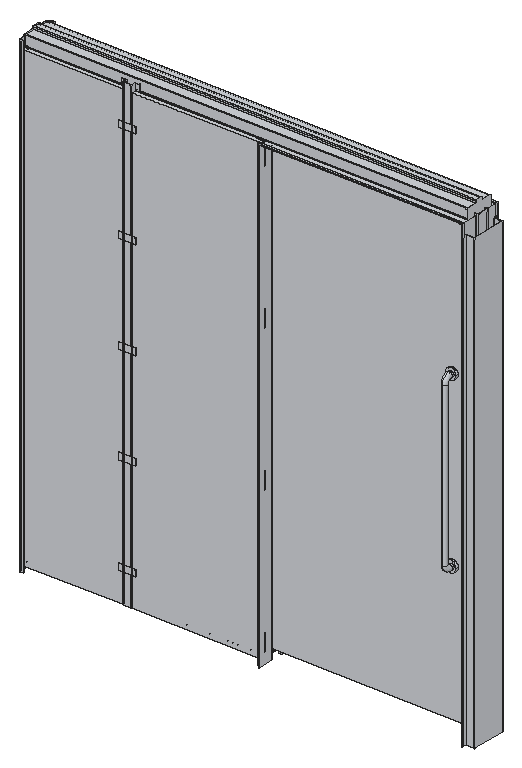
Revit family "BOS-LineaCompact-Sino-olSidW_MW_Familie", category Türen, Revit 2017 (continued)
Nested families
  nested 4: "BOS-Info-Texte_Beschriftung" at (1146.5, -0.955, 0), visible <- "MW Fehler", type "Maulweite Fehlermeldung"
  nested 5: "BOS-Bodenprofil-(o)lSidW-MW_Modell" at (-231.516, -100, 0), type "BOS-Bodenprofil-(o)lSidW-MW_Modell", detail levels fine
  nested 6: "BOS-Laufkasten-(o)lSidW-MW_Modell" at (-231.516, -100, 2140), type "BOS-Laufkasten-(o)lSidW-MW_Modell", detail levels fine
    with GT3 Gesamttiefe 76 mm, GT2 Gesamttiefe 76 mm
  nested 7: "BOS-Führungszapfen-Holz-Glas_Model" at (-859.666, 116.677, 2), visible <- "DIN rechts   DIN Right", built-in parameter 1001364 <- "Profilblechstärke", type "BOS-Führungszapfen-Holz-Glas_Model", detail levels fine
  nested 8: "BOS-Führungszapfen-Holz-Glas_Model" at (109.334, 116.677, 2), visible <- "DIN links   DIN Left", built-in parameter 1001364 <- "Profilblechstärke", type "BOS-Führungszapfen-Holz-Glas_Model", detail levels fine
  nested 9: "BOS-Türblatt-Schiebetürzargen_Modell" at (-410, -109, 0), type "BOS-Türblatt-Schiebetürzargen_Modell"
    with Türblattreferenz 949 mm
  nested 10: "BOS-loser-Nagelanker-olSidW_Detail" at (263.604, -50, 0), visible <- "DIN rechts   DIN Right", type "BOS-loser-Nagelanker-olSidW_Detail", detail levels fine
  nested 11: "BOS-loser-Nagelanker-olSidW_Detail" at (-13.604, -50, 0) x (-1, 0, 0) z (0, 0, 1), visible <- "DIN links   DIN Left", type "BOS-loser-Nagelanker-olSidW_Detail", detail levels fine
  nested 12: "BOS-Logo_Modell" at (-357, 67, 0), visible <- "DIN rechts   DIN Right", type "BOS-Logo_Modell"
    with Abstand horizontal 12 mm
  nested 13: "BOS-Logo_Modell" at (607, 67, 0), visible <- "DIN links   DIN Left", type "BOS-Logo_Modell", detail levels fine
    with Abstand horizontal 12 mm
Definition of nested family "BOS-Bodenprofil-(o)lSidW-MW_Modell"
  Parameters (values of type "BOS-Bodenprofil-lSidW_Modell")
    URL = "www.BestOfSteel.de"
    Rechtliche Hinweise = "www.BestOfSteel.de/tools-downloads/bim-building-information-modeling/"
    RNB rechts = 518 mm
    RNB links = 1602 mm
    Putzwinkel vorne = 10 mm
    Putzwinkel hinten = 10 mm
    Material - Zarge = none
    MW Maulweite = 200 mm
    LDB Lichte Durchgangs Breite = 936 mm
    Manufacturer = "BOS GmbH Best Of Steel, Lütkenfelde 4, D-48282 Emsdetten"
    GT3 Gesamttiefe = 110.5 mm
    GT2 Gesamttiefe = 55.5 mm
    DIN rechts = yes
    DIN links = no
    Description = "Bodenprofil lSidw"
    Keynote = "BOS Modell"
    BOS-Architekten-Beratung = "Tel.: +49 (0) 2572 203-203, Fax -209; E-Mail: architekten@BestOfSteel.de"
    Technische Infos rund um die Stahlzarge = "www.BestOfSteel.de/tools-downloads/technische-infos-rund-um-die-stahlzarge/"
    Abstand rechts = if(DIN links, 9 mm, RNB rechts + (LDB Lichte Durchgangs Breite / 2))  # 986 mm
    Abstand links = if(DIN rechts, 9 mm, RNB links + (LDB Lichte Durchgangs Breite / 2))  # 9 mm
  Reference planes
    plane 1: y = 0
    plane 2: z = 0
    plane 3: x = 356.516
    plane 4: x = -111.484
    plane 5: x = 824.516
    plane 6: y = 200
    plane 7: x = -1245.484
    plane 8: x = 874.516
    plane 9: x = -1236.484
    plane 10: y = 165
    plane 11: y = 35
    plane 12: z = 20
    plane 13: y = 100
    plane 14: x = -113.484
    plane 15: x = -128.484
    plane 16: y = 99.5
    plane 17: y = 45.5
    plane 18: y = 210
    plane 19: y = -10
    plane 20: x = 826.516
    plane 21: x = 841.516
    plane 22: y = 102.5
    plane 23: y = 42.5
    plane 24: y = 72.5
    plane 25: x = -111.484
  Forms (mm)
    Sweep 1, solid, material <- "Material - Zarge"
      path origin (0, 0, 0) x (1, 0, 0) y (0, 1, 0)
        loop
          line (-1236.484, 100) -> (-111.484, 100)
      profile origin (-673.984, 100, 0) x (0, 1, 0) y (0, 0, 1)
        loop
          line (63, 20) -> (63, 3)
          arc (63, 3) -> (62.707, 2.293) -> (62, 2) r 1
          line (62, 2) -> (-62, 2)
          arc (-62, 2) -> (-62.707, 2.293) -> (-63, 3) r 1
          line (-63, 3) -> (-63, 20) -> (-65, 20) -> (-65, 3)
          arc (-65, 3) -> (-64.121, 0.879) -> (-62, 0) r 3
          line (-62, 0) -> (62, 0)
          arc (62, 0) -> (64.121, 0.879) -> (65, 3) r 3
          line (65, 3) -> (65, 20) -> (63, 20)
    Extrusion 2, void
      sketch origin (0, 0, 0) x (1, 0, 0) y (0, 1, 0)
        loop
          line (-128.484, 99.5) -> (-111.484, 99.5) -> (-111.484, 45.5) -> (-128.484, 45.5) -> (-128.484, 42.5) -> (-113.484, 42.5) -> (-113.484, 35) -> (826.516, 35) -> (826.516, 42.159) -> (841.516, 42.159) -> (841.516, 45.5) -> (824.516, 45.5) -> (824.516, 99.5) -> (841.516, 99.5) -> (841.516, 102.5) -> (826.516, 102.5) -> (826.516, 165) -> (-113.484, 165) -> (-113.484, 102.5) -> (-128.484, 102.5) -> (-128.484, 99.5)
      from 0 to 20
  Cuts and joins
    Extrusion 2 cuts Sweep 1
  Dimensions and locks
    "LDB Lichte Durchgangs Breite": plane 4 to plane 5
    equal spacing: plane 4, plane 3, plane 5
    "MW Maulweite": plane 1 to plane 6
    "RNB rechts": plane 3 to plane 8
    "RNB links": plane 7 to plane 3
    plane 10 to plane 6 = 35 mm
    plane 1 to plane 11 = 35 mm
    "Abstand links": plane 7 to plane 9
    equal spacing: plane 1, plane 13, plane 6
    plane 14 to plane 4 = 2 mm
    plane 15 to plane 4 = 17 mm
    "Putzwinkel hinten": plane 18 to plane 6
    "Putzwinkel vorne": plane 19 to plane 1
    "GT2 Gesamttiefe": plane 19 to plane 17
    "GT3 Gesamttiefe": plane 18 to plane 16
    plane 5 to plane 20 = 2 mm
    plane 5 to plane 21 = 17 mm
    plane 22 to plane 16 = 3 mm
    plane 17 to plane 23 = 3 mm
    equal spacing: plane 16, plane 24, plane 17
    "Abstand rechts": plane 25 to plane 8
    aligned and locked: level to plane 2
    aligned and locked: plane 10 to Sweep 1 sketch curve
    aligned and locked: plane 12 to Sweep 1 sketch curve  (x2)
    aligned and locked: Sweep 1 sketch curve to plane 11
    aligned and locked: plane 2 to Sweep 1 sketch curve
    aligned and locked: Extrusion 2 to level
    aligned and locked: plane 12 to Extrusion 2
  Automatic sketch dimensions
    level to Sweep 1 sketch curve = 3 mm
    Sweep 1 sketch curve to Sweep 1 sketch curve = 0 mm  (x4)
    Sweep 1 sketch curve to Sweep 1 sketch curve = 1 mm
    Sweep 1 sketch curve to Sweep 1 sketch curve = 2 mm
    Extrusion 2 sketch curve to plane 15 = 0 mm  (x2)
    Extrusion 2 sketch curve to plane 10 = 0 mm
    Extrusion 2 sketch curve to plane 14 = 0 mm  (x2)
    Extrusion 2 sketch curve to plane 4 = 0 mm
    Extrusion 2 sketch curve to plane 5 = 0 mm
    Extrusion 2 sketch curve to plane 11 = 0 mm
    Extrusion 2 sketch curve to plane 20 = 0 mm  (x2)
    Extrusion 2 sketch curve to plane 21 = 0 mm  (x2)
    Extrusion 2 sketch curve to plane 16 = 0 mm  (x2)
    Extrusion 2 sketch curve to plane 23 = 0 mm
    Extrusion 2 sketch curve to plane 17 = 0 mm  (x2)
    Extrusion 2 sketch curve to plane 22 = 0 mm  (x2)
    Extrusion 2 sketch curve to plane 23 = 0.341 mm
    Sweep 1 sketch curve to plane 9 = 0 mm
    Sweep 1 sketch curve to plane 13 = 0 mm
    Sweep 1 sketch curve to plane 25 = 0 mm
Definition of nested family "BOS-Laufkasten-(o)lSidW-MW_Modell"
  Parameters (values of type "BOS-Laufkasten-(o)lSidW-MW_Modell")
    Zargenblechstärke = 2 mm
    URL = "www.BestOfSteel.de"
    Rechtliche Hinweise = "www.BestOfSteel.de/tools-downloads/bim-building-information-modeling/"
    RNB rechts = 521.5 mm
    RNB links = 1598.5 mm
    Putzwinkel vorne = 3 mm
    Putzwinkel hinten = 3 mm
    Material - Zarge = none
    Material - Laufschiene = none
    MW Maulweite = 200 mm
    Längeunterschied = 50 mm
    Laufschienenlänge = Laufkastenlänge - Längeunterschied  # 2003.5 mm
    Laufschienenabstand rechts = Längeunterschied / 2  # 25 mm
    Laufschienenabstand links = Längeunterschied / 2  # 25 mm
    Laufkastenlänge = RNB links + RNB rechts - Abstand links - Abstand rechts - Deckel links - Deckel rechts  # 2053.5 mm
    Manufacturer = "BOS GmbH Best Of Steel, Lütkenfelde 4, D-48282 Emsdetten"
    GT3 Gesamttiefe = 96.5 mm
    GT2 Gesamttiefe = 55.5 mm
    Einfügepunkt = 53.5 mm
    Deckel rechts = 2 mm
    Deckel links = 2 mm
    DIN rechts = yes
    DIN links = no
    Description = "Laufkasten LineaCompact (Sino) für Mauerwerk"
    Keynote = "BOS Modell"
    BOS-Architekten-Beratung = "Tel.: +49 (0) 2572 203-203; E-Mail: architekten@BestOfSteel.de"
    Technische Infos rund um die Stahlzarge = "www.BestOfSteel.de/tools-downloads/technische-infos-rund-um-die-stahlzarge/"
    Abstand rechts = if(DIN links, 9 mm, Einfügepunkt)  # 53.5 mm
    Abstand links = if(DIN rechts, 9 mm, Einfügepunkt)  # 9 mm
    ALU 80 BOS = yes
    ALU 100 BOS = yes
  Reference planes
    plane 1: y = 20.5
    plane 2: z = 0
    plane 3: x = 356.516
    plane 4: x = 878.016
    plane 5: y = 220.5
    plane 6: x = -1241.984
    plane 7: y = 127
    plane 8: y = 73
    plane 9: z = 50.5
    plane 10: y = 100
    plane 11: y = 223.5
    plane 12: y = 17.5
    plane 13: x = -1232.984
    plane 14: x = 824.516
    plane 15: y = 185.5
    plane 16: y = 55.5
    plane 17: y = 115
    plane 18: y = 85
    plane 19: z = 63.5
    plane 20: y = 129
    plane 21: y = 71
    plane 22: x = -1230.984
    plane 23: x = 822.516
    plane 24: z = 2
  Forms (mm)
    Sweep 1, solid, material <- "Material - Zarge"
      path origin (0, 0, 0) x (1, 0, 0) y (0, 1, 0)
        loop
          line (-1230.984, 100) -> (822.516, 100)
      profile origin (-204.234, 100, 0) x (0, 1, 0) y (0, 0, 1)
        loop
          line (29, 2) -> (82.5, 2)
          arc (82.5, 2) -> (84.621, 2.879) -> (85.5, 5) r 3
          line (85.5, 5) -> (85.5, 47.5)
          arc (85.5, 47.5) -> (84.621, 49.621) -> (82.5, 50.5) r 3
          line (82.5, 50.5) -> (-41.5, 50.5)
          arc (-41.5, 50.5) -> (-43.621, 49.621) -> (-44.5, 47.5) r 3
          line (-44.5, 47.5) -> (-44.5, 5)
          arc (-44.5, 5) -> (-43.621, 2.879) -> (-41.5, 2) r 3
          line (-41.5, 2) -> (-29, 2) -> (-29, 4) -> (-41.5, 4)
          arc (-41.5, 4) -> (-42.207, 4.293) -> (-42.5, 5) r 1
          line (-42.5, 5) -> (-42.5, 47.5)
          arc (-42.5, 47.5) -> (-42.207, 48.207) -> (-41.5, 48.5) r 1
          line (-41.5, 48.5) -> (82.5, 48.5)
          arc (82.5, 48.5) -> (83.207, 48.207) -> (83.5, 47.5) r 1
          line (83.5, 47.5) -> (83.5, 5)
          arc (83.5, 5) -> (83.207, 4.293) -> (82.5, 4) r 1
          line (82.5, 4) -> (29, 4) -> (29, 2)
    Sweep 2, solid, material <- "Material - Zarge"
      path origin (35.495, 0, 0) x (1, 0, 0) y (0, 1, 0)
        loop
          line (-1266.479, 100) -> (787.021, 100)
      profile origin (-204.234, 100, 0) x (0, 1, 0) y (0, 0, 1)
        loop
          line (15, 50.5) -> (15, 60.5)
          arc (15, 60.5) -> (14.121, 62.621) -> (12, 63.5) r 3
          line (12, 63.5) -> (-12, 63.5)
          arc (-12, 63.5) -> (-14.121, 62.621) -> (-15, 60.5) r 3
          line (-15, 60.5) -> (-15, 50.5) -> (-13, 50.5) -> (-13, 60.5)
          arc (-13, 60.5) -> (-12.707, 61.207) -> (-12, 61.5) r 1
          line (-12, 61.5) -> (12, 61.5)
          arc (12, 61.5) -> (12.707, 61.207) -> (13, 60.5) r 1
          line (13, 60.5) -> (13, 50.5) -> (15, 50.5)
    Extrusion 3, solid, material <- "Material - Zarge"
      sketch origin (356.516, 0, 0) x (0, 1, 0) y (0, 0, 1)
        loop
          line (185.5, 5) -> (185.5, 47.5)
          arc (185.5, 47.5) -> (184.621, 49.621) -> (182.5, 50.5) r 3
          line (182.5, 50.5) -> (115, 50.5) -> (115, 60.5)
          arc (115, 60.5) -> (114.121, 62.621) -> (112, 63.5) r 3
          line (112, 63.5) -> (88, 63.5)
          arc (88, 63.5) -> (85.879, 62.621) -> (85, 60.5) r 3
          line (85, 60.5) -> (85, 50.5) -> (58.5, 50.5)
          arc (58.5, 50.5) -> (56.379, 49.621) -> (55.5, 47.5) r 3
          line (55.5, 47.5) -> (55.5, 5)
          arc (55.5, 5) -> (56.379, 2.879) -> (58.5, 2) r 3
          line (58.5, 2) -> (182.5, 2)
          arc (182.5, 2) -> (184.621, 2.879) -> (185.5, 5) r 3
      from -1589.5 to -1587.5
    Extrusion 4, solid, material <- "Material - Zarge"
      sketch origin (356.516, 0, 0) x (0, 1, 0) y (0, 0, 1)
        loop
          line (185.5, 5) -> (185.5, 47.5)
          arc (185.5, 47.5) -> (184.621, 49.621) -> (182.5, 50.5) r 3
          line (182.5, 50.5) -> (115, 50.5) -> (115, 60.5)
          arc (115, 60.5) -> (114.121, 62.621) -> (112, 63.5) r 3
          line (112, 63.5) -> (88, 63.5)
          arc (88, 63.5) -> (85.879, 62.621) -> (85, 60.5) r 3
          line (85, 60.5) -> (85, 50.5) -> (58.5, 50.5)
          arc (58.5, 50.5) -> (56.379, 49.621) -> (55.5, 47.5) r 3
          line (55.5, 47.5) -> (55.5, 5)
          arc (55.5, 5) -> (56.379, 2.879) -> (58.5, 2) r 3
          line (58.5, 2) -> (182.5, 2)
          arc (182.5, 2) -> (184.621, 2.879) -> (185.5, 5) r 3
      from 466 to 468
  Dimensions and locks
    "MW Maulweite": plane 1 to plane 5
    "Putzwinkel hinten": plane 11 to plane 5
    "Putzwinkel vorne": plane 12 to plane 1
    "GT3 Gesamttiefe": plane 11 to plane 7
    "GT2 Gesamttiefe": plane 12 to plane 8
    equal spacing: plane 7, plane 10, plane 8
    equal spacing: plane 17, plane 10, plane 18
    plane 17 to plane 18 = 30 mm
    plane 9 to plane 24 = 48.5 mm
    locked: plane 19 to plane 9 at 13
    "Zargenblechstärke": plane 20 to plane 7
    "Zargenblechstärke": plane 8 to plane 21
    plane 1 to plane 16 = 35 mm
    plane 15 to plane 5 = 35 mm
    "Abstand links": plane 6 to plane 13
    "Abstand rechts": plane 14 to plane 4
    "RNB rechts": plane 3 to plane 4
    "RNB links": plane 6 to plane 3
    "Deckel links": plane 13 to plane 22
    "Deckel rechts": plane 23 to plane 14
    "Zargenblechstärke": plane 24 to plane 2
    aligned and locked: level to plane 2
    aligned and locked: Sweep 1 sketch curve to plane 9
    aligned and locked: plane 15 to Sweep 1 sketch curve
    aligned and locked: Sweep 1 sketch curve to plane 16
    aligned and locked: Sweep 1 sketch curve to plane 21
    aligned and locked: plane 20 to Sweep 1 sketch curve
    aligned and locked: plane 10 to nested 1
    aligned and locked: plane 23 to Sweep 1 sketch curve
    aligned and locked: plane 22 to Sweep 1 sketch curve
    aligned and locked: plane 22 to Sweep 2 sketch curve
    aligned and locked: plane 23 to Sweep 2 sketch curve
    aligned and locked: nested 1 to plane 22
    aligned and locked: Extrusion 3 to plane 13
    aligned and locked: Extrusion 3 to plane 22
    aligned and locked: plane 14 to Extrusion 4
    aligned and locked: Extrusion 4 to plane 23
    aligned and locked: nested 1 to Sweep 1
    aligned and locked: plane 24 to Sweep 1 sketch curve  (x2)
    aligned and locked: Sweep 1 to Sweep 2 sketch curve  (x2)
    aligned and locked: Sweep 2 sketch curve to plane 19
    aligned and locked: Sweep 2 sketch curve to plane 17
    aligned and locked: plane 18 to Sweep 2 sketch curve
    aligned and locked: Extrusion 3 sketch curve to Extrusion 4
  Automatic sketch dimensions
    Sweep 2 sketch curve to plane 10 = 0 mm
    Sweep 2 sketch curve to Sweep 2 sketch curve = 0 mm  (x4)
    Sweep 2 sketch curve to Sweep 2 sketch curve = 2 mm
    Sweep 2 sketch curve to Sweep 2 sketch curve = 1 mm  (x2)
    Sweep 1 sketch curve to Sweep 1 sketch curve = 0 mm  (x8)
    Sweep 1 sketch curve to Sweep 1 sketch curve = 1 mm  (x4)
    Sweep 1 sketch curve to Sweep 1 sketch curve = 2 mm
    Sweep 1 sketch curve to plane 10 = 0 mm
    Extrusion 3 sketch curve to plane 16 = 0 mm
    Extrusion 3 sketch curve to plane 9 = 0 mm  (x2)
    Extrusion 3 sketch curve to plane 18 = 0 mm
    Extrusion 3 sketch curve to plane 19 = 0 mm
    Extrusion 3 sketch curve to plane 17 = 0 mm
    Extrusion 3 sketch curve to plane 9 = 3 mm
    plane 18 to Extrusion 3 sketch curve = 3 mm
    Extrusion 3 sketch curve to Extrusion 3 sketch curve = 3 mm  (x2)
    plane 15 to Extrusion 3 sketch curve = 3 mm
    Extrusion 4 sketch curve to plane 15 = 0 mm
    Extrusion 4 sketch curve to plane 9 = 3 mm
    Extrusion 4 sketch curve to plane 9 = 0 mm  (x2)
    Extrusion 4 sketch curve to plane 17 = 0 mm
    Extrusion 4 sketch curve to plane 19 = 3 mm
    Extrusion 4 sketch curve to plane 19 = 0 mm
    plane 18 to Extrusion 4 sketch curve = 3 mm
    Extrusion 4 sketch curve to plane 18 = 0 mm
    Extrusion 4 sketch curve to plane 16 = 3 mm  (x2)
    Extrusion 4 sketch curve to plane 24 = 0 mm
    Extrusion 4 sketch curve to Extrusion 4 sketch curve = 3 mm
    Extrusion 4 sketch curve to plane 16 = 0 mm
    Extrusion 3 sketch curve to plane 16 = 3 mm
    Extrusion 3 sketch curve to plane 15 = 0 mm
  Nested families
    nested 1: "BOS-Laufschiene_Modell" at (-1230.984, 145.953, 48.5), type "BOS-Laufschiene_Modell"
      with Laufschienenlänge 2003.5 mm, Abstand rechts 25 mm, Abstand links 25 mm
  Definition of nested family "BOS-Laufschiene_Modell"
    Parameters (values of type "BOS-Laufschiene_Modell")
      URL = "www.BestOfSteel.de"
      Technische Infos rund um die Stahlzarge = "www.BestOfSteel.de/tools-downloads/technische-infos-rund-um-die-stahlzarge/"
      Rechtliche Hinweise = "www.BestOfSteel.de/tools-downloads/bim-building-information-modeling/"
      Model = ""
      Material - Laufschiene = none
      Laufschienenlänge = 320 mm
      Laufschiene ALU 100 BOS = no
      Laufschiene ALU 80 BOS = yes
      Manufacturer = "BOS GmbH Best Of Steel, Lütkenfelde 4, D-48282 Emsdetten"
      Description = "Laufschiene ALU 80-100 BOS"
      Keynote = "BOS Modell"
      BOS-Architekten-Beratung = "Tel.: +49 (0) 2572 203-203, Fax -209; E-Mail: architekten@BestOfSteel.de"
      Abstand rechts = 40 mm
      Abstand links = 40 mm
    Reference planes
      plane 1: y = -45.953
      plane 2: z = 0
      plane 3: x = 0
      plane 4: z = 0
      plane 5: x = 400
      plane 6: x = 40
      plane 7: x = 360
    Forms (mm)
      Extrusion 1, solid, material <- "Material - Laufschiene", visible <- "Laufschiene ALU 80 BOS"
        sketch origin (0, 0, 0) x (0, 1, 0) y (0, 0, 1)
          loop
            line (-58.953, -5) -> (-56.453, -2.5) -> (-35.453, -2.5) -> (-32.953, -5) -> (-32.953, -23.519) -> (-37.703, -25.734) -> (-36.646, -28) -> (-30.453, -25.112) -> (-30.453, 0) -> (-62.953, 0) -> (-62.953, -24.412) -> (-55.259, -28) -> (-54.203, -25.734) -> (-58.953, -23.519) -> (-58.953, -5)
        from 40 to 360
      Extrusion 2, solid, material <- "Material - Laufschiene", visible <- "Laufschiene ALU 100 BOS"
        sketch origin (0, 0, 0) x (0, 1, 0) y (0, 0, 1)
          loop
            line (-28.215, -39.5) -> (-28.215, 0) -> (-63.691, 0) -> (-63.691, -39.5) -> (-54.691, -39.5) -> (-54.691, -38) -> (-61.191, -35.634) -> (-61.191, -12.188) -> (-56.691, -10.55) -> (-56.691, -2.5) -> (-35.215, -2.5) -> (-35.215, -10.55) -> (-30.715, -12.188) -> (-30.715, -35.634) -> (-37.215, -38) -> (-37.215, -39.5) -> (-28.215, -39.5)
        from 40 to 360
    Dimensions and locks
      "Abstand links": plane 3 to plane 6
      "Abstand rechts": plane 7 to plane 5
      "Laufschienenlänge": plane 6 to plane 7
      aligned and locked: plane 2 to plane 4
      aligned and locked: plane 6 to Extrusion 1
      aligned and locked: plane 6 to Extrusion 2
      aligned and locked: Extrusion 2 to plane 7
      aligned and locked: Extrusion 1 to plane 7
    Automatic sketch dimensions
      Extrusion 1 sketch curve to level = 0 mm
      Extrusion 1 sketch curve to plane 1 = 17 mm
      Extrusion 1 sketch curve to level = 5 mm
      Extrusion 1 sketch curve to Extrusion 1 sketch curve = 4 mm
      Extrusion 1 sketch curve to level = 2.5 mm
      Extrusion 1 sketch curve to Extrusion 1 sketch curve = 2.5 mm  (x4)
      Extrusion 1 sketch curve to Extrusion 1 sketch curve = 3.693 mm
      Extrusion 1 sketch curve to Extrusion 1 sketch curve = 1.057 mm  (x2)
      plane 1 to Extrusion 1 sketch curve = 8.25 mm
      plane 1 to Extrusion 1 sketch curve = 10.5 mm
      Extrusion 1 sketch curve to Extrusion 1 sketch curve = 18.519 mm
      Extrusion 1 sketch curve to Extrusion 1 sketch curve = 21.019 mm
      Extrusion 1 sketch curve to Extrusion 1 sketch curve = 0.893 mm
      Extrusion 1 sketch curve to Extrusion 1 sketch curve = 1.593 mm
      Extrusion 2 sketch curve to level = 0 mm
      Extrusion 2 sketch curve to plane 1 = 17.738 mm
      Extrusion 2 sketch curve to Extrusion 2 sketch curve = 2.5 mm
      Extrusion 2 sketch curve to Extrusion 2 sketch curve = 4.5 mm  (x2)
      Extrusion 2 sketch curve to Extrusion 2 sketch curve = 6.5 mm
      plane 1 to Extrusion 2 sketch curve = 8.738 mm
      Extrusion 2 sketch curve to level = 2.5 mm
      plane 1 to Extrusion 2 sketch curve = 10.738 mm
      Extrusion 2 sketch curve to Extrusion 2 sketch curve = 7 mm
      Extrusion 2 sketch curve to Extrusion 2 sketch curve = 8.05 mm  (x2)
      Extrusion 2 sketch curve to Extrusion 2 sketch curve = 1.638 mm  (x2)
      Extrusion 2 sketch curve to Extrusion 2 sketch curve = 23.446 mm  (x2)
      Extrusion 2 sketch curve to Extrusion 2 sketch curve = 2.366 mm  (x2)
      Extrusion 2 sketch curve to Extrusion 2 sketch curve = 1.5 mm
      Extrusion 2 sketch curve to Extrusion 2 sketch curve = 3.866 mm
Definition of nested family "BOS-Führungszapfen-Holz-Glas_Model"
  Parameters (values of type "BOS-Führungszapfen-Holz-Glas_Model")
    Länge = 33 mm
    URL = "www.BestOfSteel.de"
    Rechtliche Hinweise = "www.BestOfSteel.de/tools-downloads/bim-building-information-modeling/"
    Material - Führungszapfen = none
    Holztürblatt = yes
    Manufacturer = "BOS GmbH Best Of Steel, Lütkenfelde 4, D-48282 Emsdetten"
    Glastürblatt = no
    Breite für Holztürblatt = 22 mm
    Breite für Glastürblatt = 21.5 mm
    Description = "Führungszapfen für Holz- oder Glastürblatt"
    Keynote = "BOS Modell"
    BOS-Architekten-Beratung = "Tel.: +49 (0) 2572 203-203, Fax -209; E-Mail: architekten@BestOfSteel.de"
    Technische Infos rund um die Stahlzargen = "www.BestOfSteel.de/tools-downloads/technische-infos-rund-um-die-stahlzarge/"
  Reference planes
    plane 1: y = -116.677
    plane 2: z = 0
    plane 3: x = 500.166
    plane 4: y = -127.677
    plane 5: x = 483.666
    plane 6: x = 516.666
    plane 7: y = -105.677
    plane 8: y = -127.427
    plane 9: y = -105.927
  Forms (mm)
    Extrusion 1, solid, material <- "Material - Führungszapfen", visible <- "Holztürblatt"
      sketch origin (500.166, -5.294, -2.968) x (0, 1, 0) y (0, 0, 1)
        loop
          line (-122.383, 2.968) -> (-100.383, 2.968) -> (-100.383, 7.668) -> (-108.633, 8.438) -> (-108.883, 21.968) -> (-113.883, 21.968) -> (-114.133, 8.438) -> (-122.383, 7.618) -> (-122.383, 2.968)
      from -16.5 to 16.5
    Extrusion 2, solid, material <- "Material - Führungszapfen", visible <- "Glastürblatt"
      sketch origin (500.166, -47.893, -6.394) x (0, 1, 0) y (0, 0, 1)
        loop
          line (-60.784, 10.894) -> (-62.284, 22.894) -> (-64.284, 22.894) -> (-64.284, 18.394) -> (-62.784, 18.394) -> (-62.284, 10.894) -> (-75.284, 10.894) -> (-74.784, 18.394) -> (-73.284, 18.394) -> (-73.284, 22.894) -> (-75.284, 22.894) -> (-76.784, 10.894) -> (-79.534, 10.894) -> (-79.534, 6.394) -> (-58.034, 6.394) -> (-58.034, 10.894) -> (-60.784, 10.894)
      from -16.5 to 16.5
  Dimensions and locks
    Extrusion 1 sketch curve to Extrusion 1 sketch curve = 5.5 mm
    Extrusion 1 sketch curve to Extrusion 1 sketch curve = 8.25 mm  (x2)
    "Länge": plane 5 to plane 6
    equal spacing: plane 5, plane 3, plane 6
    equal spacing: plane 7, plane 1, plane 4
    "Breite für Holztürblatt": plane 7 to plane 4
    "Breite für Glastürblatt": plane 9 to plane 8
    equal spacing: plane 9, plane 1, plane 8
    Extrusion 2 sketch curve to Extrusion 2 sketch curve = 6.25 mm  (x2)
    aligned and locked: level to plane 2
    aligned and locked: Extrusion 1 to plane 4
    aligned and locked: Extrusion 2 to plane 5
    aligned and locked: plane 6 to Extrusion 2
    aligned and locked: plane 9 to Extrusion 2 sketch curve
    aligned and locked: Extrusion 2 sketch curve to plane 2
    aligned and locked: Extrusion 2 sketch curve to plane 8
  Automatic sketch dimensions
    level to Extrusion 1 sketch curve = 0 mm
    level to Extrusion 1 sketch curve = 4.65 mm
    plane 1 to Extrusion 1 sketch curve = 11 mm
    level to Extrusion 1 sketch curve = 5.47 mm  (x2)
    Extrusion 1 sketch curve to Extrusion 1 sketch curve = 0.25 mm
    Extrusion 1 sketch curve to Extrusion 1 sketch curve = 5 mm
    level to Extrusion 1 sketch curve = 4.7 mm
    Extrusion 1 sketch curve to Extrusion 1 sketch curve = 13.53 mm
    level to Extrusion 2 sketch curve = 4.5 mm  (x2)
    Extrusion 2 sketch curve to Extrusion 2 sketch curve = 2.75 mm
    Extrusion 2 sketch curve to Extrusion 2 sketch curve = 2 mm  (x2)
    Extrusion 2 sketch curve to Extrusion 2 sketch curve = 1.5 mm  (x4)
    level to Extrusion 2 sketch curve = 12 mm
    Extrusion 2 sketch curve to Extrusion 2 sketch curve = 0 mm
    Extrusion 2 sketch curve to Extrusion 2 sketch curve = 7.5 mm
    Extrusion 2 sketch curve to Extrusion 2 sketch curve = 4.5 mm  (x2)
    Extrusion 2 sketch curve to Extrusion 2 sketch curve = 0.5 mm
Definition of nested family "BOS-Türblatt-Schiebetürzargen_Modell"
  Parameters (values of type "BOS-Türblatt-Schiebetürzargen_Modell")
    URL = "www.BestOfSteel.de"
    Türblattreferenz = 945 mm
    Technische Infos rund um die Stahlzarge = "www.BestOfSteel.de/tools-downloads/technische-infos-rund-um-die-stahlzarge/"
    Stoßgrifflänge = 800 mm
    Türgriffabstand = 120 mm
    Stoßgriffdurchmesser = 24 mm
    Muschelgriffüberstand = if(Holztürblatt, 1.5 mm, 9 mm)  # 1.5 mm
    Muschelgrifftiefe = if(Holztürblatt, 10 mm, Türblattstärke / 2)  # 10 mm
    Griffposition = if(DIN links, Türgriffabstand, TAB Türblatt Außenmaß Breite - Türgriffabstand)  # 865 mm
    Führungsnuttiefe = if(Holztürblatt, 18 mm, 0 mm)  # 18 mm
    Stoßgriffe = yes
    Türblattversatz = 0 mm
    Türblattstärke = 40 mm
    Türblattabstand unten = 10 mm
    TAH Türblatt Außenmaß Höhe = 2110 mm
    TAB Türblatt Außenmaß Breite = 985 mm
    Muschelgriffe = no
    Rechtliche Hinweise = "www.BestOfSteel.de/tools-downloads/bim-building-information-modeling/"
    Model = ""
    Material - Türgriff = none
    Material - Türblatt = none
    Holztürblatt = yes
    Manufacturer = ""
    Glastürblatt = no
    Führungsnutbreite = 8 mm
    Fräsextrusionsende = if(not(Muschelgriffe), 0 mm, if(Holztürblatt, -10 mm, -Türblattstärke / 2))  # 0 mm
    Fräsextrusionsbeginn = if(not(Muschelgriffe), 1 mm, 0 mm)  # 1 mm
    Drückerhöhe = 1050 mm
    DIN rechts = yes
    DIN links = no
    Description = "Holz- Glastürblatt für Schiebetürzargen"
    Keynote = "BOS Modell"
    BOS-Architekten-Beratung = "Tel.: +49 (0) 2572 203-203, Fax -209; E-Mail: architekten@BestOfSteel.de"
  Reference planes
    plane 1: y = 109
    plane 2: z = 0
    plane 3: x = 31
    plane 4: x = 1016
    plane 5: y = 129
    plane 6: y = 89
    plane 7: z = 10
    plane 8: z = 2120
    plane 9: z = 28
    plane 10: y = 109
    plane 11: y = 109
    plane 12: y = 113
    plane 13: y = 105
    plane 14: z = 1050
    plane 15: x = 896
    plane 16: x = 71
  Forms (mm)
    Extrusion 1, solid, material <- "Material - Türblatt", detail levels medium+fine
      sketch origin (0, 0, 0) x (1, 0, 0) y (0, 1, 0)
        loop
          line (31, 129) -> (31, 89) -> (1016, 89) -> (1016, 129) -> (31, 129)
      from 10 to 2120
    Extrusion 2, void
      sketch origin (31, -12.856, 0) x (0, 1, 0) y (0, 0, 1)
        loop
          line (125.856, 28) -> (117.856, 28) -> (117.856, 0) -> (125.856, 0) -> (125.856, 28)
      from 0 to 985
    Extrusion 3, void
      sketch origin (1569.406, 89, 1200) x (1, 0, 0) y (0, 0, 1)
        loop
          arc (-689.406, -184) -> (-673.406, -200) -> (-657.406, -184) r 16
          line (-657.406, -184) -> (-657.406, -116)
          arc (-657.406, -116) -> (-673.406, -100) -> (-689.406, -116) r 16
          line (-689.406, -116) -> (-689.406, -184)
      from 1 <- "Fräsextrusionsbeginn" to 0 <- "Fräsextrusionsende"
    Extrusion 4, void
      sketch origin (-112.482, 129, 1200) x (-1, 0, 0) y (0, 0, 1)
        loop
          line (-992.482, -184) -> (-992.482, -116)
          arc (-992.482, -116) -> (-1008.482, -100) -> (-1024.482, -116) r 16
          line (-1024.482, -116) -> (-1024.482, -184)
          arc (-1024.482, -184) -> (-1008.482, -200) -> (-992.482, -184) r 16
      from 1 <- "Fräsextrusionsbeginn" to 0 <- "Fräsextrusionsende"
  Cuts and joins
    Extrusion 2, Extrusion 3, Extrusion 4 cuts Extrusion 1
  Dimensions and locks
    "Türblattstärke": plane 5 to plane 6
    "Türblattversatz": plane 10 to plane 1 to plane 11
    "Türblattabstand unten": plane 7 to plane 2
    "TAB Türblatt Außenmaß Breite": plane 3 to plane 4
    "TAH Türblatt Außenmaß Höhe": plane 8 to plane 7
    equal spacing: plane 5, plane 1, plane 6
    "Drückerhöhe": plane 14 to plane 2
    "Griffposition": plane 3 to plane 15
    "Führungsnuttiefe": plane 9 to plane 7
    "Türblattreferenz": plane 16 to plane 4
    aligned and locked: level to plane 2
    aligned and locked: Extrusion 1 sketch curve to plane 4
    aligned and locked: Extrusion 1 sketch curve to plane 5
    aligned and locked: Extrusion 1 sketch curve to plane 6
    aligned and locked: plane 3 to Extrusion 1 sketch curve
    aligned and locked: Extrusion 1 to plane 7
    aligned and locked: Extrusion 1 to plane 8
    aligned and locked: plane 12 to Extrusion 2 sketch curve
    aligned and locked: plane 13 to Extrusion 2 sketch curve
    aligned and locked: Extrusion 2 sketch curve to plane 9
    aligned and locked: plane 2 to Extrusion 2 sketch curve
    aligned and locked: Extrusion 2 to plane 3
    aligned and locked: plane 4 to Extrusion 2
    aligned and locked: nested 1 to plane 14
    aligned and locked: plane 14 to nested 2
    aligned and locked: nested 1 to plane 15
    aligned and locked: plane 15 to nested 2
    aligned and locked: plane 6 to nested 2
    aligned and locked: plane 5 to nested 1
    aligned and locked: Extrusion 3 sketch curve to nested 1  (x2)
    aligned and locked: Extrusion 4 sketch curve to cut or joined group of Extrusion 1, Extrusion 2, Extrusion 3, Extrusion 4  (x2)
    aligned and locked: nested 4 to plane 14
    aligned and locked: plane 14 to nested 3
    aligned and locked: plane 5 to nested 4
    aligned and locked: plane 6 to nested 3
    aligned and locked: nested 4 to plane 15
    aligned and locked: plane 15 to nested 3
  Nested families
    nested 1: "BOS-Muschelgriff_Modell" at (896, 133.91, 1050), visible <- "Muschelgriffe", type "BOS-Muschelgriff_Modell", detail levels fine
    nested 2: "BOS-Muschelgriff_Modell" at (896, 84.09, 1050), visible <- "Muschelgriffe", type "BOS-Muschelgriff_Modell", detail levels fine
    nested 3: "BOS-Stoßgriff_Modell" at (896, 89, 1050), visible <- "Stoßgriffe", type "BOS-Stoßgriff_Modell", detail levels fine
      with Stoßgriffradius 12 mm, Stoßgriffdurchmesser 24 mm
    nested 4: "BOS-Stoßgriff_Modell" at (896, 129, 1050), visible <- "Stoßgriffe", type "BOS-Stoßgriff_Modell", detail levels fine
      with Stoßgriffradius 12 mm, Stoßgriffdurchmesser 24 mm
  Definition of nested family "BOS-Muschelgriff_Modell"
    Parameters (values of type "BOS-Muschelgriff_Modell")
      URL = "www.BestOfSteel.de"
      Rechtliche Hinweise = "www.BestOfSteel.de/tools-downloads/bim-building-information-modeling/"
      Muschelgriffüberstand = 1.5 mm
      Muschelgrifftiefe = 10 mm
      Material - Türgriff = none
      Description = "Muschelgriff"
      Keynote = "BOS Modell"
      BOS-Architekten-Beratung = "Tel.: +49 (0) 2572 203-203, Fax -209; E-Mail: architekten@BestOfSteel.de"
      Allgemeine Informationen zu Stahlzargen = "www.BestOfSteel.de/tools-downloads/technische-infos-rund-um-die-stahlzarge/"
    Reference planes
      plane 1: y = 4.91
      plane 2: z = 0
      plane 3: x = 0
      plane 4: y = 3.41
      plane 5: x = -19
      plane 6: x = 19
      plane 7: y = 12.91
      plane 8: z = 60
      plane 9: z = -60
      plane 10: y = 14.91
    Forms (mm)
      Extrusion 1, solid, material <- "Material - Türgriff"
        sketch origin (0, 4.91, 0) x (1, 0, 0) y (0, 0, 1)
          loop
            line (-19, 41) -> (-19, -41)
            arc (-19, -41) -> (0, -60) -> (19, -41) r 19
            line (19, -41) -> (19, 41)
            arc (19, 41) -> (0, 60) -> (-19, 41) r 19
        from 0 to 1.5
      Extrusion 2, solid, material <- "Material - Türgriff"
        sketch origin (0, 4.91, 0) x (1, 0, 0) y (0, 0, 1)
          loop
            line (-16, 34) -> (-16, -34)
            arc (-16, -34) -> (0, -50) -> (16, -34) r 16
            line (16, -34) -> (16, 34)
            arc (16, 34) -> (0, 50) -> (-16, 34) r 16
        from -10 to 0
      Extrusion 3, void
        sketch origin (0, 4.91, 0) x (1, 0, 0) y (0, 0, 1)
          loop
            line (-13, 34) -> (-13, -34)
            arc (-13, -34) -> (0, -47) -> (13, -34) r 13
            line (13, -34) -> (13, 34)
            arc (13, 34) -> (0, 47) -> (-13, 34) r 13
        from -8 to 1.5
    Cuts and joins
      Extrusion 3 cuts Extrusion 1
      Extrusion 3 cuts Extrusion 2
      joined: Extrusion 1, Extrusion 2
    Dimensions and locks
      equal spacing: plane 5, plane 3, plane 6
      plane 5 to plane 6 = 38 mm
      "Muschelgriffüberstand": plane 4 to plane 1
      plane 10 to plane 7 = 2 mm
      "Muschelgrifftiefe": plane 10 to plane 1
      aligned and locked: plane 7 to cut or joined group of Extrusion 1, Extrusion 2, Extrusion 3
      aligned and locked: cut or joined group of Extrusion 1, Extrusion 2, Extrusion 3 to plane 4
      aligned and locked: plane 4 to cut or joined group of Extrusion 1, Extrusion 2, Extrusion 3  (x2)
      aligned and locked: plane 10 to cut or joined group of Extrusion 1, Extrusion 2, Extrusion 3
    Automatic sketch dimensions
      Extrusion 1 sketch curve to plane 5 = 0 mm
      Extrusion 1 sketch curve to plane 3 = 0 mm
      Extrusion 1 sketch curve to plane 8 = 19 mm
      plane 9 to Extrusion 1 sketch curve = 19 mm
      Extrusion 2 sketch curve to plane 3 = 0 mm
      plane 5 to Extrusion 2 sketch curve = 3 mm
      Extrusion 2 sketch curve to plane 8 = 26 mm
      plane 9 to Extrusion 2 sketch curve = 26 mm
      Extrusion 3 sketch curve to plane 3 = 0 mm
      plane 5 to Extrusion 3 sketch curve = 6 mm
      Extrusion 3 sketch curve to plane 8 = 26 mm
      plane 9 to Extrusion 3 sketch curve = 26 mm
  Definition of nested family "BOS-Stoßgriff_Modell"
    Parameters (values of type "BOS-Stoßgriff_Modell")
      URL = "www.BestOfSteel.de"
      Stoßgrifflänge = 800 mm
      Stoßgriffradius = Stoßgriffdurchmesser / 2  # 9 mm
      Stoßgriffdurchmesser = 18 mm
      Rechtliche Hinweise = "www.BestOfSteel.de/tools-downloads/bim-building-information-modeling/"
      Model = ""
      Material - Türgriff = none
      Description = "Stoßgriff"
      Keynote = "BOS Modell"
      BOS-Architekten-Beratung = "Tel.: +49 (0) 2572 203-203, Fax -209; E-Mail: architekten@BestOfSteel.de"
      Allgemeine Informationen zu Stahlzargen = "www.BestOfSteel.de/tools-downloads/technische-infos-rund-um-die-stahlzarge/"
    Reference planes
      plane 1: y = 0
      plane 2: z = 0
      plane 3: x = 0
      plane 4: z = 400
      plane 5: z = -400
      plane 6: y = -45.5
    Forms (mm)
      Sweep 1, solid, material <- "Material - Türgriff"
        path origin (0, 0, 0) x (0, 1, 0) y (0, 0, 1)
          loop
            line (-10, 400) -> (-20.5, 400)
            arc (-20.5, 400) -> (-38.178, 392.678) -> (-45.5, 375) r 25
            line (-45.5, 375) -> (-45.5, -375)
            arc (-45.5, -375) -> (-38.178, -392.678) -> (-20.5, -400) r 25
            line (-20.5, -400) -> (-10, -400)
        profile origin (0, -15.25, 400) x (0, 0, -1) y (1, 0, 0)
          loop
            circle (0, 0) r 9
      Extrusion 2, solid, material <- "Material - Türgriff"
        sketch origin (0, 0, 0) x (1, 0, 0) y (0, 0, 1)
          loop
            circle (0, 400) r 25
          loop
            circle (0, -400) r 25
        from 0 to 10
    Cuts and joins
      joined: Sweep 1, Extrusion 2
    Dimensions and locks
      equal spacing: plane 4, plane 2, plane 5
      "Stoßgrifflänge": plane 4 to plane 5
      locked: plane 6 to plane 1 at 45.5
      "Stoßgriffradius": radius of Sweep 1 sketch curve
      aligned and locked: Sweep 1 sketch curve to plane 6
      aligned and locked: Sweep 1 sketch curve to plane 5
      aligned and locked: Sweep 1 sketch curve to plane 4
    Automatic sketch dimensions
      Extrusion 2 sketch curve to plane 3 = 0 mm  (x2)
      Extrusion 2 sketch curve to plane 5 = 0 mm
      Extrusion 2 sketch curve to plane 4 = 0 mm
      Sweep 1 sketch curve to Sweep 1 sketch curve = 10.5 mm
      plane 1 to Sweep 1 sketch curve = 20.5 mm  (x2)
      plane 1 to Sweep 1 sketch curve = 10 mm
      Sweep 1 sketch curve to plane 3 = 0 mm
      Sweep 1 sketch curve to profile plane = 0 mm
      radius of Extrusion 2 sketch curve = 25 mm  (x2)
Definition of nested family "BOS-BOS_Modell"
  Parameters (values of type "BOS-BOS_Modell")
    Abstand = 22 mm
  Reference planes
    plane 1: y = -0.827
    plane 2: z = 0
    plane 3: x = 0
    plane 4: x = -22
    plane 5: y = 1.673
    plane 6: y = -3.327
  Dimensions and locks
    "Abstand": plane 4 to plane 3
    plane 5 to plane 6 = 5 mm
    equal spacing: plane 5, plane 1, plane 6
    aligned and locked: level to plane 2
    aligned and locked: plane 1 to text3d elem
    aligned and locked: text3d elem to level
Definition of nested family "BOS-Info-Texte_Beschriftung"
  Parameters (values of type "Blockprofil Warnung")
    Unten = no
    Schwarz = yes
    Rot = no
    Oben = yes
    Info-Text En unten = "Kein Text"
    Info-Text De unten = "Kein Text"
    Info-Text En oben = "Attention! When changing the architrave widths, the structural measurements change accordingly."
    Englisch unten rot = and(and(Unten, Englisch), Rot)  # no
    Englisch unten schwarz = and(and(Unten, Englisch), Schwarz)  # no
    Englisch oben rot = and(and(Oben, Englisch), Rot)  # no
    Englisch oben schwarz = and(and(Oben, Englisch), Schwarz)  # no
    Info-Text De oben = "Achtung! Bei Änderung der Spiegelbreiten, Rohbaumaße beachten."
    Warndreieck = no
    Fehlerkreis = no
    Englisch = no
    Deutsch unten rot = and(and(Unten, Deutsch), Rot)  # no
    Deutsch unten schwarz = and(and(Unten, Deutsch), Schwarz)  # no
    Deutsch oben rot = and(and(Oben, Deutsch), Rot)  # no
    Deutsch oben schwarz = and(and(Oben, Deutsch), Schwarz)  # yes
    Deutsch = not(Englisch)  # yes
    Ausrufezeichen = "!"
  Types (12, lengths in mm): name | Unten | Schwarz | Rot | Oben | Info-Text En unten | Info-Text De unten | Info-Text En oben | Info-Text De oben | Warndreieck | Fehlerkreis | Deutsch unten schwarz | Deutsch oben rot | Deutsch oben schwarz
    Rechtliche Hinweise | no | yes | no | yes | "Kein Text" | "Kein Text" | "In accordance with the protection note according to DIN 34, the ownership and copyrights are reserved!\r\n© 2016 BOS GmbH, Emsdetten, Germany -\r\nObserve the ISO 16016 protective label (see ID data)!\r\n\r\nSubject to technical change!" | "Entsprechend dem Schutzvermerk nach DIN 34 behalten wir uns Eigentum und Urheberrecht vor!\r\n© 2016 BOS GmbH, Emsdetten, Deutschland -\r\nSchutzvermerk ISO 16016 beachten (siehe ID-Daten)!\r\n\r\nTechnische Änderungen vorbehalten!" | no | no | no | no | yes
    Maulweite Fehlermeldung | no | yes | no | yes | "Kein Text" | "Kein Text" | "Check the wall thickness!" | "Wandstärke prüfen!" | no | yes | no | no | yes
    Rohbaumaß Warnung | no | yes | no | yes | "Kein Text" | "Kein Text" | "For DIN door leaves, select larger structural wall measurements!" | "Bei DIN-Türblatt Rohbaumaße größer wählen!" | no | no | no | no | yes
    Verstellbereich | no | yes | no | yes | "Kein Text" | "Kein Text" | "Adjustment area from -5 to +15mm,\r\nother adjustment areas possible" | "Verstellbereich von -5 bis +15mm\r\nanderer Verstellbereich möglich" | no | no | no | no | yes
    Verstellbereich wSvdW | no | yes | no | yes | "Kein Text" | "Kein Text" | "Adjustment area in the soffit from -2 to +15mm,\r\nother adjustment areas possible" | "Verstellbereich in der Zargenleibung von -2 bis +15mm\r\nanderer Verstellbereich möglich" | no | no | no | no | yes
    Wandartauswahl 15Nz15Z | no | yes | no | yes | "Kein Text" | "Kein Text" | "Attention for stud walls: underlay from site required!\r\nFor DIN door leaves, select larger structural wall measurements.\r\nFor selection \"stud walls\":\r\nsee 'Features' (remove tick for brick walls)" | "Achtung bei Ständerwerk: bauseitige Unterfütterung erforderlich!\r\nBei DIN-Türblatt Rohbaumaße größer wählen.\r\nFür Auswahl \"Ständerwerk\": \r\nsiehe 'Eigenschaften' (Häkchen entfernen bei Mauerwerk)." | no | no | no | no | yes
    Technische Hinweise | no | yes | no | yes | "Kein Text" | "Kein Text" | "Due to manufacturing reasons this Revit family may not be changed\r\nwithout consulting BOS!\r\n\r\nDo not mirror frames (door list)!\r\nsee ‘Features’: DIN left / DIN right\r\n\r\nThe solid and stud walls or, for example, their profiles,\r\nmust be designed so that they can reliably and sustainably\r\nabsorb the static and dynamic forces resulting\r\nfrom the load on the door element used." | "Diese Revit-Familie darf aus fertigungstechnischen Gründen\r\nnicht ohne Rücksprache mit BOS abgeändert werden!\r\n\r\nZargen nicht spiegeln (Türliste)!\r\nsiehe 'Eigenschaften': DIN links / DIN rechts\r\n\r\nDie Massiv- und Ständerwerkswände bzw. deren Profile\r\nmüssen so ausgebildet sein, dass sie die statischen\r\nund dynamischen Kräfte, welche sich aus der Belastung\r\nder verwendeten Türelements ergeben, zuverlässig\r\nund nachhaltig aufnehmen können." | no | no | no | no | yes
    Drückerhöhe Warnung | yes | yes | no | no | "Please take the handle depth/height and/or DIN opening direction into account" | "Drückertiefen/-höhen und/oder DIN Richtungen beachten/anpassen!" | "Kein Text" | "Kein Text" | yes | no | yes | no | no
    Maulweite-Dehnungsfuge Fehlermeldung | no | yes | no | yes | "Kein Text" | "Kein Text" | "Check the wall thickness and/or expansion joint!" | "Wandstärke und/oder Dehnungsfuge prüfen!" | no | yes | no | no | yes
    Technische Hinweise Norm | no | yes | no | yes | "Kein Text" | "Kein Text" | "Due to manufacturing reasons this Revit family may not be changed\r\nwithout consulting BOS!\r\n\r\nThe solid and stud walls or, for example, their profiles,\r\nmust be designed so that they can reliably and sustainably\r\nabsorb the static and dynamic forces resulting\r\nfrom the load on the door element used." | "Diese Revit-Familie darf aus fertigungstechnischen Gründen\r\nnicht ohne Rücksprache mit BOS abgeändert werden!\r\n\r\nDie Massiv- und Ständerwerkswände bzw. deren Profile\r\nmüssen so ausgebildet sein, dass sie die statischen\r\nund dynamischen Kräfte, welche sich aus der Belastung\r\nder verwendeten Türelements ergeben, zuverlässig\r\nund nachhaltig aufnehmen können." | no | no | no | no | yes
    Maßauswahl | no | no | yes | yes | "Kein Text" | "Kein Text" | "To choose  Rebate Width/Height Measurement, Receiving Opening\r\nsee 'Features'" | "Auswahl von FMB, FMH, MW\r\nunter 'Eigenschaften'" | no | no | no | yes | no
    Blockprofil Warnung | no | yes | no | yes | "Kein Text" | "Kein Text" | "Attention! When changing the architrave widths, the structural measurements change accordingly." | "Achtung! Bei Änderung der Spiegelbreiten, Rohbaumaße beachten." | no | no | no | no | yes
  Reference planes
    plane 1: y = 0.955
    plane 2: x = 0
  Lines and regions (mm)
    Filled region 1, type "Gefüllter Bereich Gelb", visible <- "Warndreieck"
      outline origin (-7.188, 1.747, 0) x (1, 0, 0) y (0, 1, 0)
        loop
          line (5.951, -3.033) -> (8.413, -3.033) -> (7.182, -0.9) -> (5.951, -3.033)
    Filled region 2, type "Gefüllter Bereich Rot", visible <- "Fehlerkreis"
      outline origin (0, -3.763, 0) x (1, 0, 0) y (0, 1, 0)
        loop
          circle (0, 3.1) r 1.5
        loop
          line (-0.937, 3.486) -> (-0.937, 2.686) -> (1.023, 2.686) -> (1.023, 3.486) -> (-0.937, 3.486)
    Filled region 3, type "Gefüllter Bereich Weiss", visible <- "Fehlerkreis"
      outline origin (-7.014, -2.062, 0) x (1, 0, 0) y (0, 1, 0)
        loop
          line (6.077, 1.785) -> (6.077, 0.985) -> (8.038, 0.985) -> (8.038, 1.785) -> (6.077, 1.785)
  Text (mm)
    label "Info-Text De oben schwarz" at (0.065, 1.415, 0), shows "Info-Text De oben", visible <- "Deutsch oben schwarz"
    label "!" at (0.065, -0.414, 0), shows "Ausrufezeichen", visible <- "Warndreieck"
    label "Info-Text En oben schwarz" at (0.065, 1.415, 0), shows "Info-Text En oben", visible <- "Englisch oben schwarz"
    label "Info-Text De unten schwarz" at (0.218, -2.468, 0), shows "Info-Text De unten", visible <- "Deutsch unten schwarz"
    label "Info-Text En unten schwarz" at (0.065, -2.419, 0), shows "Info-Text En unten", visible <- "Englisch unten schwarz"
    label "Info-Text En oben rot" at (0.065, 1.415, 0), shows "Info-Text En oben", visible <- "Englisch oben rot"
    label "Info-Text En unten rot" at (0.065, -2.419, 0), shows "Info-Text En unten", visible <- "Englisch unten rot"
    label "Info-Text De unten rot" at (0.065, -2.419, 0), shows "Info-Text De unten", visible <- "Deutsch unten rot"
    label "Info-Text De oben rot" at (-0.371, 1.396, 0), shows "Info-Text De oben", visible <- "Deutsch oben rot"
  Dimensions and locks
    aligned and locked: Filled region 3 sketch curve to Filled region 2  (x4)
Definition of nested family "BOS-loser-Nagelanker-olSidW_Detail"
  Parameters (values of type "BOS-loser-Nagelanker-olSidW_Detail")
    URL = "www.BestOfSteel.de"
    Schloßkasten = yes
    Rechtliche Hinweise = "www.BestOfSteel.de/tools-downloads/bim-building-information-modeling/"
    RNB Rohbau Nennmaß Breite = 2120 mm
    Putzwinkel vorne = 3 mm
    Putzwinkel hinten = 3 mm
    MW Maulweite = 200 mm
    Technische Infos rund um die Stahlzarge = "www.BestOfSteel.de/tools-downloads/technische-infos-rund-um-die-stahlzarge/"
    LDB Lichte Durchgangs Breite = 936 mm
    Manufacturer = "BOS GmbH Best Of Steel, Lütkenfelde 4, D-48282 Emsdetten"
    GT3 Gesamttiefe = 76 mm
    GT2 Gesamttiefe = 76 mm
    Einfügepunkt = 53.5 mm
    Blechstärke = 2 mm
    Description = "loser Nagelanker für LineaCompact Sino"
    Keynote = "BOS Detail"
    BOS-Architekten-Beratung = "Tel.: +49 (0) 2572 203-203, Fax -209; E-Mail: architekten@BestOfSteel.de"
  Reference planes
    plane 1: z = 0
    plane 2: y = -35
    plane 3: y = 135
    plane 4: x = -1737.104
    plane 5: x = -1732.104
    plane 6: y = 153
    plane 7: x = -138.604
    plane 8: y = -53
    plane 9: x = 329.396
    plane 10: x = 432.896
    plane 11: x = 331.396
    plane 12: x = 377.896
    plane 13: y = 50
    plane 14: x = 382.896
    plane 15: x = -1837.104
    plane 16: y = 23
    plane 17: y = 77
    plane 18: y = 50
    plane 19: x = -606.604
    plane 20: x = 346.396
    plane 21: y = -50
    plane 22: y = 150
  Lines and regions (mm)
    detail lines, in view "Ref.-Ebene"
      curve 1: arc (-1706.885, 137.001, 0) -> (-1710.353, 136.506, 0) -> (-1713.577, 135.134, 0) r 13.498
      curve 2: arc (-1706.885, 137.001, 0) -> (-1705.833, 137.974, 0) -> (-1706.833, 139, 0) r 1
      curve 3: arc (-1706.902, 134.001, 0) -> (-1702.833, 137.965, 0) -> (-1706.833, 142, 0) r 4
      curve 4: line (-1742.514, 142, 0) -> (-1780.571, 138, 0)
      curve 5: line (-1706.833, 139, 0) -> (-1742.409, 139, 0)
      curve 6: line (-1742.409, 139, 0) -> (-1780.363, 135, 0)
      curve 7: line (-1713.577, 135.134, 0) -> (-1725.104, 134.933, 0)
      curve 8: line (-1725.104, 134.933, 0) -> (-1725.082, 133.683, 0)
      curve 9: line (-1725.082, 133.683, 0) -> (-1706.902, 134.001, 0)
      curve 10: line (-1742.514, 142, 0) -> (-1706.833, 142, 0)
      curve 11: line (-1780.363, 135, 0) -> (-1827.891, 135, 0)
      curve 12: arc (-1813.246, 136.25, 0) -> (-1810.63, 137.529, 0) -> (-1807.757, 138, 0) r 9.994
      curve 13: line (-1827.891, 135, 0) -> (-1827.891, 136.25, 0)
      curve 14: line (-1827.891, 136.25, 0) -> (-1813.246, 136.25, 0)
      curve 15: line (-1807.757, 138, 0) -> (-1780.571, 138, 0)
      curve 33: arc (-1706.885, -37.001, 0) -> (-1710.353, -36.506, 0) -> (-1713.577, -35.134, 0) r 13.498
      curve 34: arc (-1706.885, -37.001, 0) -> (-1705.833, -37.974, 0) -> (-1706.833, -39, 0) r 1
      curve 35: arc (-1706.902, -34.001, 0) -> (-1702.833, -37.965, 0) -> (-1706.833, -42, 0) r 4
      curve 36: line (-1742.514, -42, 0) -> (-1780.571, -38, 0)
      curve 37: line (-1706.833, -39, 0) -> (-1742.409, -39, 0)
      curve 38: line (-1742.409, -39, 0) -> (-1780.363, -35, 0)
      curve 39: line (-1713.577, -35.134, 0) -> (-1725.104, -34.933, 0)
      curve 40: line (-1725.104, -34.933, 0) -> (-1725.082, -33.683, 0)
      curve 41: line (-1725.082, -33.683, 0) -> (-1706.902, -34.001, 0)
      curve 42: line (-1742.514, -42, 0) -> (-1706.833, -42, 0)
      curve 43: line (-1780.363, -35, 0) -> (-1827.891, -35, 0)
      curve 44: arc (-1813.246, -36.25, 0) -> (-1810.63, -37.529, 0) -> (-1807.757, -38, 0) r 9.994
      curve 45: line (-1827.891, -35, 0) -> (-1827.891, -36.25, 0)
      curve 46: line (-1827.891, -36.25, 0) -> (-1813.246, -36.25, 0)
      curve 47: line (-1807.757, -38, 0) -> (-1780.571, -38, 0)
      curve 49: line (377.896, 135, 0) -> (377.896, -35, 0)
      curve 50: line (382.896, 135, 0) -> (382.896, -35, 0)
      curve 51: line (-1837.104, -35, 0) -> (-1732.104, -35, 0)
      curve 52: line (-1732.104, -35, 0) -> (-1732.104, 135, 0)
      curve 53: line (-1732.104, 135, 0) -> (-1837.104, 135, 0)
      curve 54: line (-1737.104, 135, 0) -> (-1737.104, -35, 0)
      curve 85: line (432.896, -36.5, 0) -> (432.896, -35, 0)
      curve 86: line (377.896, -35, 0) -> (432.896, -35, 0)
      curve 87: arc (371.961, 121.465, 0) -> (369.944, 124.5, 0) -> (371.961, 127.535, 0) r 3.292
      curve 88: arc (376.753, 121.715, 0) -> (376.502, 121.109, 0) -> (375.896, 120.858, 0) r 0.857
      curve 89: arc (375.896, 128.142, 0) -> (376.502, 127.891, 0) -> (376.753, 127.285, 0) r 0.857
      curve 90: line (376.753, 127.285, 0) -> (376.753, 121.715, 0)
      curve 91: line (372.396, 127.535, 0) -> (371.961, 127.535, 0)
      curve 92: line (371.961, 127.535, 0) -> (371.961, 121.465, 0)
      curve 93: line (371.961, 121.465, 0) -> (372.396, 121.465, 0)
      curve 94: line (372.396, 127.683, 0) -> (372.396, 121.465, 0)
      curve 107: line (432.396, 135, 0) -> (376.896, 135, 0)
      curve 108: line (432.396, 136.5, 0) -> (376.896, 136.5, 0)
      curve 109: line (374.396, 111.5, 0) -> (375.896, 111.5, 0)
      curve 110: line (375.896, 111.5, 0) -> (375.896, 134, 0)
      curve 111: line (374.396, 111.5, 0) -> (374.396, 134, 0)
      curve 112: line (432.396, 136.5, 0) -> (432.396, 135, 0)
      curve 113: arc (375.896, 134, 0) -> (376.189, 134.707, 0) -> (376.896, 135, 0) r 1
      curve 114: arc (376.896, 136.5, 0) -> (375.128, 135.768, 0) -> (374.396, 134, 0) r 2.5
      curve 123: line (377.896, 135, 0) -> (432.896, 135, 0)
      curve 126: arc (371.961, -21.465, 0) -> (369.944, -24.5, 0) -> (371.961, -27.535, 0) r 3.292
      curve 127: arc (376.753, -21.715, 0) -> (376.502, -21.109, 0) -> (375.896, -20.858, 0) r 0.857
      curve 128: arc (375.896, -28.142, 0) -> (376.502, -27.891, 0) -> (376.753, -27.285, 0) r 0.857
      curve 129: line (376.753, -27.285, 0) -> (376.753, -21.715, 0)
      curve 130: line (372.396, -27.535, 0) -> (371.961, -27.535, 0)
      curve 131: line (371.961, -27.535, 0) -> (371.961, -21.465, 0)
      curve 132: line (371.961, -21.465, 0) -> (372.396, -21.465, 0)
      curve 133: line (372.396, -27.683, 0) -> (372.396, -21.465, 0)
      curve 136: line (432.396, -35, 0) -> (376.896, -35, 0)
      curve 137: line (432.396, -36.5, 0) -> (376.896, -36.5, 0)
      curve 138: line (374.396, -11.5, 0) -> (375.896, -11.5, 0)
      curve 139: line (375.896, -11.5, 0) -> (375.896, -34, 0)
      curve 140: line (374.396, -11.5, 0) -> (374.396, -34, 0)
      curve 141: line (432.396, -36.5, 0) -> (432.396, -35, 0)
      curve 142: arc (375.896, -34, 0) -> (376.189, -34.707, 0) -> (376.896, -35, 0) r 1
      curve 143: arc (376.896, -36.5, 0) -> (375.128, -35.768, 0) -> (374.396, -34, 0) r 2.5
    detail lines, in view "Ref.-Ebene", not visible
      curve 16: arc (-259.386, 80.727, 0) -> (-262.854, 80.231, 0) -> (-266.078, 78.86, 0) r 13.498
      curve 17: arc (-259.386, 80.727, 0) -> (-258.334, 81.699, 0) -> (-259.334, 82.725, 0) r 1
      curve 18: arc (-259.404, 77.726, 0) -> (-255.334, 81.69, 0) -> (-259.334, 85.725, 0) r 4
      curve 19: line (-295.015, 85.725, 0) -> (-333.073, 81.725, 0)
      curve 20: line (-259.334, 82.725, 0) -> (-294.91, 82.725, 0)
      curve 21: line (-294.91, 82.725, 0) -> (-332.865, 78.725, 0)
      curve 22: line (-266.078, 78.86, 0) -> (-277.605, 78.658, 0)
      curve 23: line (-277.605, 78.658, 0) -> (-277.583, 77.409, 0)
      curve 24: line (-277.583, 77.409, 0) -> (-259.404, 77.726, 0)
      curve 25: line (-295.015, 85.725, 0) -> (-259.334, 85.725, 0)
      curve 26: line (-332.865, 78.725, 0) -> (-380.392, 78.725, 0)
      curve 27: arc (-365.747, 79.975, 0) -> (-363.132, 81.254, 0) -> (-360.259, 81.725, 0) r 9.994
      curve 28: line (-380.392, 78.725, 0) -> (-380.392, 79.975, 0)
      curve 29: line (-380.392, 79.975, 0) -> (-365.747, 79.975, 0)
      curve 30: line (-360.259, 81.725, 0) -> (-333.073, 81.725, 0)
      curve 97: arc (369.461, 121.465, 0) -> (367.444, 124.5, 0) -> (369.461, 127.535, 0) r 3.292
      curve 98: arc (374.253, 121.715, 0) -> (374.002, 121.109, 0) -> (373.396, 120.858, 0) r 0.857
      curve 99: arc (373.396, 128.142, 0) -> (374.002, 127.891, 0) -> (374.253, 127.285, 0) r 0.857
      curve 100: line (374.253, 127.285, 0) -> (374.253, 121.715, 0)
      curve 101: line (369.896, 127.535, 0) -> (369.461, 127.535, 0)
      curve 102: line (369.461, 127.535, 0) -> (369.461, 121.465, 0)
      curve 103: line (369.461, 121.465, 0) -> (369.896, 121.465, 0)
      curve 104: line (369.896, 127.683, 0) -> (369.896, 121.465, 0)
      curve 115: line (429.896, 135, 0) -> (374.396, 135, 0)
      curve 116: line (429.896, 136.5, 0) -> (374.396, 136.5, 0)
      curve 117: line (371.896, 111.5, 0) -> (373.396, 111.5, 0)
      curve 118: line (373.396, 111.5, 0) -> (373.396, 134, 0)
      curve 119: line (371.896, 111.5, 0) -> (371.896, 134, 0)
      curve 120: line (429.896, 136.5, 0) -> (429.896, 135, 0)
      curve 121: arc (373.396, 134, 0) -> (373.689, 134.707, 0) -> (374.396, 135, 0) r 1
      curve 122: arc (374.396, 136.5, 0) -> (372.628, 135.768, 0) -> (371.896, 134, 0) r 2.5
    reference lines, in view "Ref.-Ebene"
      curve 31: line (-1737.104, 122.433, 0) -> (-1737.104, 162.433, 0)
      curve 48: line (-1737.104, -22.433, 0) -> (-1737.104, -62.433, 0)
      curve 81: line (346.396, 26.377, 0) -> (346.396, 72.264, 0)
      curve 83: line (374.268, 50, 0) -> (329.268, 50, 0)
      curve 95: line (377.896, 124.5, 0) -> (369.944, 124.5, 0)
      curve 96: line (375.896, 128.142, 0) -> (375.896, 120.858, 0)
      curve 124: line (377.896, 135, 0) -> (377.896, 111.5, 0)
      curve 134: line (377.896, -24.5, 0) -> (369.944, -24.5, 0)
      curve 135: line (375.896, -28.142, 0) -> (375.896, -20.858, 0)
      curve 144: line (377.896, -35, 0) -> (377.896, -11.5, 0)
    reference lines, in view "Ref.-Ebene", not visible
      curve 32: line (-289.605, 66.158, 0) -> (-289.605, 106.158, 0)
      curve 82: line (588.199, 23.144, 0) -> (588.199, 69.03, 0)
      curve 84: line (616.071, 46.766, 0) -> (571.071, 46.766, 0)
      curve 105: line (375.396, 124.5, 0) -> (367.444, 124.5, 0)
      curve 106: line (373.396, 128.142, 0) -> (373.396, 120.858, 0)
      curve 125: line (375.396, 135, 0) -> (375.396, 111.5, 0)
    detail lines, in view "Ref.-Ebene", visible <- "Schloßkasten"
      curve 55: arc (369.896, 63, 0) -> (369.603, 63.707, 0) -> (368.896, 64, 0) r 1
      curve 56: arc (371.396, 63, 0) -> (370.664, 64.768, 0) -> (368.896, 65.5, 0) r 2.5
      curve 57: arc (368.896, 36, 0) -> (369.603, 36.293, 0) -> (369.896, 37, 0) r 1
      curve 58: arc (368.896, 34.5, 0) -> (370.664, 35.232, 0) -> (371.396, 37, 0) r 2.5
      curve 59: line (371.396, 63, 0) -> (371.396, 37, 0)
      curve 60: line (347.896, 63, 0) -> (347.896, 37, 0)
      curve 61: line (346.396, 65.5, 0) -> (368.896, 65.5, 0)
      curve 62: line (346.396, 34.5, 0) -> (368.896, 34.5, 0)
      curve 63: line (346.396, 36, 0) -> (368.896, 36, 0)
      curve 64: line (346.396, 63, 0) -> (369.896, 63, 0)
      curve 65: line (369.896, 63, 0) -> (369.896, 37, 0)
      curve 66: line (369.896, 37, 0) -> (346.396, 37, 0)
      curve 67: line (346.396, 64, 0) -> (368.896, 64, 0)
    detail lines, in view "Ref.-Ebene", visible <- "Schloßkasten", not visible
      curve 68: arc (611.699, 59.766, 0) -> (611.406, 60.473, 0) -> (610.699, 60.766, 0) r 1
      curve 69: arc (613.199, 59.766, 0) -> (612.466, 61.534, 0) -> (610.699, 62.266, 0) r 2.5
      curve 70: arc (610.699, 32.766, 0) -> (611.406, 33.059, 0) -> (611.699, 33.766, 0) r 1
      curve 71: arc (610.699, 31.266, 0) -> (612.466, 31.998, 0) -> (613.199, 33.766, 0) r 2.5
      curve 72: line (613.199, 59.766, 0) -> (613.199, 33.766, 0)
      curve 73: line (589.699, 59.766, 0) -> (589.699, 33.766, 0)
      curve 74: line (588.199, 62.266, 0) -> (610.699, 62.266, 0)
      curve 75: line (588.199, 31.266, 0) -> (610.699, 31.266, 0)
      curve 76: line (588.199, 32.766, 0) -> (610.699, 32.766, 0)
      curve 77: line (588.199, 59.766, 0) -> (611.699, 59.766, 0)
      curve 78: line (611.699, 59.766, 0) -> (611.699, 33.766, 0)
      curve 79: line (611.699, 33.766, 0) -> (588.199, 33.766, 0)
      curve 80: line (588.199, 60.766, 0) -> (610.699, 60.766, 0)
  Dimensions and locks
    plane 4 to plane 5 = 5 mm
    plane 21 to plane 2 = 15 mm
    "Blechstärke": plane 11 to plane 9
